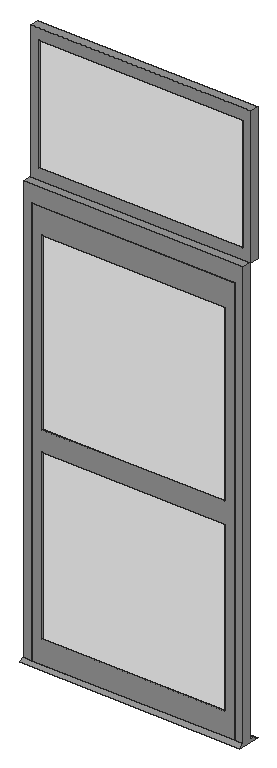
Revit family "STARC-REALWALL-HINGE DOOR", category Specialty Equipment, Revit 2014
Parameters (values of type "S3-HD-42")
  Width = 3' - 6"
  Wall Interface Right [instance] = no
  Wall Interface Left [instance] = no
  URL = "https://starcsystems.com/products/realwall-doors/"
  Type Comments = "STARC SYSTEMS REALWALL 42 INCH HINGED DOOR"
  Outswing Door [instance] = not(Inswing Door)  # no
  Model = "S3-HD-42"
  Manufacturer = "STARC SYSTEMS, INC."  # constant formula
  Inswing Door [instance] = yes
  ICRA Class = "IV"  # constant formula
  Door Width = Width - 0' 3 19/128"  # 3' - 2 109/128"
  Description = "STARC SYSTEMS, INC REALWALL TEMPORARY CONTAINMENT SYSTEM HINGED DOOR"  # constant formula
  Copyright = "Copyright 2020 STARC Systems, Inc."  # constant formula
  Ceiling Height = 9' - 0"
  Wall Gap [instance] = 0' - 0"
  Height = if(Ceiling Height > 10' 3", 10' 3", (if(Ceiling Height < 6' 10", 6' 10", Ceiling Height)))  # 9' - 0"
  Extensions.Group [instance] = if(and(Wall Interface Right, Wall Interface Left), "Double Interface", (if(Wall Interface Right, "Right Interface", (if(Wall Interface Left, "Left interface", "")))))  # ""
  Assembly Code = "F1030900"
  ASTM Standard = "E-84 CLASS A"  # constant formula
Types (3): name | Width | Type Comments | Model | Door Width
  (no name) | 3' - 6" | "STARC SYSTEMS REALWALL 42 INCH HINGED DOOR" | "S3-HD-42" | 3' - 2 109/128"
  S3-HD-42 | 3' - 6" | "STARC SYSTEMS REALWALL 42 INCH HINGED DOOR" | "S3-HD-42" | 3' - 2 109/128"
  S3-HD-54 | 4' - 6" | "STARC SYSTEMS REALWALL 54 INCH HINGED DOOR" | "S3-HD-54" | 4' - 2 109/128"
Reference planes (in)
  plane 1 "Center (Base Panel)": y = 0
  plane 2: z = 0
  plane 3 "Center (Left/Right)": x = 0
  plane 4 "Center (Top Panel)": y = 1.78125
  plane 5 "Base Panel Front": y = -0.79687
  plane 6 "Base Panel Back": y = 0.79688
  plane 7 "Top Panel Fron": y = 0.98438
  plane 8 "Top Panel Back": y = 2.57813
  plane 9 "Left Edge": x = -21
  plane 10 "Right Edge": x = 21
  plane 11 "Ceiling Height": z = 108
  plane 12 "Base Panel Top": z = 82
  plane 13 "Base Top": z = 0.51172
  plane 14 "Interior Left Edge": x = -19.42578
  plane 15 "Interior Right Edge": x = 19.42578
  plane 16: z = 78.85156
  plane 17: z = 81.92188
  plane 18: z = 84
  plane 19: z = 105.92188
  plane 20: y = 2.57813
  plane 21: x = -17.44141
  plane 22: z = 4.92188
  plane 23: z = 36.90234
  plane 24: z = 40.72266
  plane 25: z = 73.95313
  plane 26: x = 17.44141
  plane 27: y = 39.64844
  plane 28: y = -39.64844
Forms (in)
  Extrusion 1, solid, material "STARC-Frame", detail levels medium+fine
    sketch origin (0, 0.79688, 0) x (1, 0, 0) y (0, 0, 1)
      loop
        line (-19.42578, 0.51172) -> (-19.42578, 78.85156) -> (19.42578, 78.85156) -> (19.42578, 0.51172) -> (21, 0.51172) -> (21, 82) -> (-21, 82) -> (-21, 0.51172) -> (-19.42578, 0.51172)
    from 0 to 1.59375
  Extrusion 2, solid, material "STARC-Frame", detail levels medium+fine
    sketch origin (0, 2.57813, 0) x (1, 0, 0) y (0, 0, 1)
      loop
        line (-21, 108) -> (-21, 81.92188) -> (21, 81.92188) -> (21, 108) -> (-21, 108)
      loop
        line (-19.42578, 105.92188) -> (-19.42578, 84) -> (19.42578, 84) -> (19.42578, 105.92188) -> (-19.42578, 105.92188)
    from 0 to 1.59375
  Extrusion 3, solid, material "STARC-Frame", detail levels medium+fine
    sketch origin (0, 0.79688, 0) x (1, 0, 0) y (0, 0, 1)
      loop
        line (-19.42578, 78.85156) -> (-19.42578, 0.51172) -> (19.42578, 0.51172) -> (19.42578, 78.85156) -> (-19.42578, 78.85156)
      loop
        line (-17.44141, 36.90234) -> (-17.44141, 4.92188) -> (17.44141, 4.92188) -> (17.44141, 36.90234) -> (-17.44141, 36.90234)
      loop
        line (-17.44141, 73.95313) -> (-17.44141, 40.72266) -> (17.44141, 40.72266) -> (17.44141, 73.95313) -> (-17.44141, 73.95313)
    from 0 to 1.59375
  Extrusion 4, solid, material "STARC-Panel", detail levels medium+fine
    sketch origin (0, 2.57813, 0) x (1, 0, 0) y (0, 0, 1)
      loop
        line (-19.42578, 105.92188) -> (-19.42578, 84) -> (19.42578, 84) -> (19.42578, 105.92188) -> (-19.42578, 105.92188)
    from 0.125 to 1.5
  Extrusion 5, solid, material "STARC-Frame", detail levels medium+fine
    sketch origin (0, 0, 0) x (0, 1, 0) y (0, 0, 1)
      loop
        line (-1.52769, 0) -> (2.57813, 0) -> (1.84731, 0.51172) -> (-0.79687, 0.51172) -> (-1.52769, 0)
    from -21 to 21
  Extrusion 6, solid, material "STARC-Panel", detail levels medium+fine
    sketch origin (0, 0.79688, 0) x (1, 0, 0) y (0, 0, 1)
      loop
        line (-17.44141, 73.95313) -> (-17.44141, 40.72266) -> (17.44141, 40.72266) -> (17.44141, 73.95313) -> (-17.44141, 73.95313)
      loop
        line (-17.44141, 36.90234) -> (-17.44141, 4.92188) -> (17.44141, 4.92188) -> (17.44141, 36.90234) -> (-17.44141, 36.90234)
    from 0.125 to 1.5
Cuts and joins
  joined: Extrusion 1, Extrusion 5
Lines and regions (in)
  symbolic lines, detail levels coarse
    curve 1: line (-21, 0.79688, 0) -> (21, 0.79688, 0)
    curve 2: line (-21, -0.79687, 0) -> (-21, 0.79688, 0)
    curve 3: line (21, -0.79687, 0) -> (-21, -0.79687, 0)
    curve 4: line (21, 0.79688, 0) -> (21, -0.79687, 0)
  symbolic lines, style "STARC Panel Above", detail levels coarse
    curve 5: line (-21, 0.79688, 0) -> (-21, 2.57813, 0)
    curve 6: line (-21, 2.57813, 0) -> (21, 2.57813, 0)
    curve 7: line (21, 2.57813, 0) -> (21, 0.79688, 0)
  symbolic lines, style "SpecialityEquipment", visible <- "Inswing Door"
    curve 8: line (-19.42578, 0.79688, 0) -> (-19.42578, 39.64844, 0)
  model lines, visible <- "Inswing Door"
    curve 9: arc (-19.42578, 39.64844, 0) -> (7.43896, 28.90968, 0) -> (19.42578, 2.57813, 0) r 38.83796
  symbolic lines, style "SpecialityEquipment", visible <- "Outswing Door"
    curve 10: line (-19.42578, -0.79687, 0) -> (-19.42578, -39.64844, 0)
  symbolic lines, visible <- "Outswing Door"
    curve 11: arc (-19.42578, -39.64844, 0) -> (8.04642, -28.26908, 0) -> (19.42578, -0.79687, 0) r 38.85156
Dimensions and locks (in)
  plane 7 "Top Panel Fron" to plane 4 "Center (Top Panel)" to plane 8 "Top Panel Back" = 0' - 0 51/64" locked, 0' - 0 51/64" locked
  plane 5 "Base Panel Front" to plane 1 "Center (Base Panel)" to plane 6 "Base Panel Back" = 0' - 0 51/64" locked, 0' - 0 51/64" locked
  locked: plane 1 "Center (Base Panel)" to plane 4 "Center (Top Panel)" at 1.78125
  equal spacing: plane 9 "Left Edge", plane 3 "Center (Left/Right)", plane 10 "Right Edge"
  "Width": plane 9 "Left Edge" to plane 10 "Right Edge"
  "Height": plane 11 "Ceiling Height" to level
  locked: plane 12 "Base Panel Top" to level at 82
  plane 13 "Base Top" to level = 0' - 0 131/256"
  locked: plane 14 "Interior Left Edge" to plane 9 "Left Edge" at 1.57422
  locked: plane 15 "Interior Right Edge" to plane 10 "Right Edge" at 1.57422
  locked: plane 11 "Ceiling Height" to plane 19 at 2.07812
  locked: plane 18 to plane 17 at 2.07812
  locked: plane 20 to plane 5 "Base Panel Front" at 3.375
  locked: plane 12 "Base Panel Top" to plane 16 at 3.14844
  locked: plane 18 to level at 84
  locked: plane 22 to plane 13 "Base Top" at 4.41016
  locked: plane 23 to plane 22 at 31.98047
  locked: plane 24 to plane 23 at 3.82031
  locked: plane 25 to plane 24 at 33.23047
  locked: plane 21 to plane 14 "Interior Left Edge" at 1.98437
  locked: plane 26 to plane 15 "Interior Right Edge" at 1.98438
  "Door Width": plane 6 "Base Panel Back" to plane 27
  "Door Width": plane 5 "Base Panel Front" to plane 28
  aligned and locked: level to plane 2
  aligned and locked: plane 9 "Left Edge" to Extrusion 1 sketch curve
  aligned and locked: Extrusion 1 sketch curve to plane 12 "Base Panel Top"
  aligned and locked: plane 10 "Right Edge" to Extrusion 1 sketch curve
  aligned and locked: Extrusion 1 sketch curve to plane 15 "Interior Right Edge"
  aligned and locked: plane 13 "Base Top" to Extrusion 1 sketch curve  (x2)
  aligned and locked: Extrusion 1 sketch curve to plane 14 "Interior Left Edge"
  aligned and locked: plane 5 "Base Panel Front" to Extrusion 1
  aligned and locked: plane 16 to Extrusion 1 sketch curve
  aligned and locked: Extrusion 2 sketch curve to plane 11 "Ceiling Height"
  aligned and locked: plane 17 to Extrusion 2 sketch curve
  aligned and locked: plane 9 "Left Edge" to Extrusion 2 sketch curve
  aligned and locked: plane 14 "Interior Left Edge" to Extrusion 2 sketch curve
  aligned and locked: plane 18 to Extrusion 2 sketch curve
  aligned and locked: plane 15 "Interior Right Edge" to Extrusion 2 sketch curve
  aligned and locked: plane 10 "Right Edge" to Extrusion 2 sketch curve
  aligned and locked: Extrusion 2 sketch curve to plane 19
  aligned and locked: plane 7 "Top Panel Fron" to Extrusion 2
  aligned and locked: plane 13 "Base Top" to Extrusion 3 sketch curve
  aligned and locked: plane 15 "Interior Right Edge" to Extrusion 3 sketch curve
  aligned and locked: plane 14 "Interior Left Edge" to Extrusion 3 sketch curve
  aligned and locked: Extrusion 3 sketch curve to plane 16
  aligned and locked: plane 18 to Extrusion 4 sketch curve
  aligned and locked: Extrusion 4 sketch curve to plane 19
  aligned and locked: plane 15 "Interior Right Edge" to Extrusion 4 sketch curve
  aligned and locked: plane 14 "Interior Left Edge" to Extrusion 4 sketch curve
  aligned and locked: Extrusion 5 sketch curve to plane 13 "Base Top"
  aligned and locked: level to Extrusion 5 sketch curve
  aligned and locked: Extrusion 5 to plane 10 "Right Edge"
  aligned and locked: Extrusion 5 to plane 9 "Left Edge"
  aligned and locked: curve 3 to plane 5 "Base Panel Front"
  aligned and locked: plane 10 "Right Edge" to curve 4
  aligned and locked: plane 6 "Base Panel Back" to curve 1
  aligned and locked: plane 9 "Left Edge" to curve 2
  aligned and locked: plane 6 "Base Panel Back" to curve 7
  aligned and locked: plane 10 "Right Edge" to curve 7
  aligned and locked: plane 20 to curve 6
  aligned and locked: plane 9 "Left Edge" to curve 5
  aligned and locked: plane 5 "Base Panel Front" to Extrusion 3
  aligned and locked: plane 21 to Extrusion 3 sketch curve  (x2)
  aligned and locked: Extrusion 3 sketch curve to plane 25
  aligned and locked: Extrusion 3 sketch curve to plane 26  (x2)
  aligned and locked: plane 24 to Extrusion 3 sketch curve
  aligned and locked: Extrusion 3 sketch curve to plane 23
  aligned and locked: plane 22 to Extrusion 3 sketch curve
  aligned and locked: Extrusion 6 sketch curve to plane 25
  aligned and locked: Extrusion 6 sketch curve to plane 26  (x2)
  aligned and locked: plane 21 to Extrusion 6 sketch curve  (x2)
  aligned and locked: plane 24 to Extrusion 6 sketch curve
  aligned and locked: Extrusion 6 sketch curve to plane 23
  aligned and locked: plane 22 to Extrusion 6 sketch curve
  aligned and locked: plane 27 to curve 8
  aligned and locked: plane 14 "Interior Left Edge" to curve 8
  aligned and locked: plane 5 "Base Panel Front" to curve 10
  aligned and locked: plane 28 to curve 10
  aligned and locked: curve 10 to plane 14 "Interior Left Edge"
Automatic sketch dimensions
  curve 9 to plane 15 "Interior Right Edge" = 0' - 0"
  curve 9 to plane 6 "Base Panel Back" = 0' - 0.01364"
  plane 5 "Base Panel Front" to Extrusion 5 sketch curve = 0' - 0.73081"
  Extrusion 5 sketch curve to plane 4 "Center (Top Panel)" = 0' - 0.06606"
  Extrusion 5 sketch curve to plane 8 "Top Panel Back" = 0' - 0"
  Extrusion 5 sketch curve to plane 5 "Base Panel Front" = 0' - 0"
